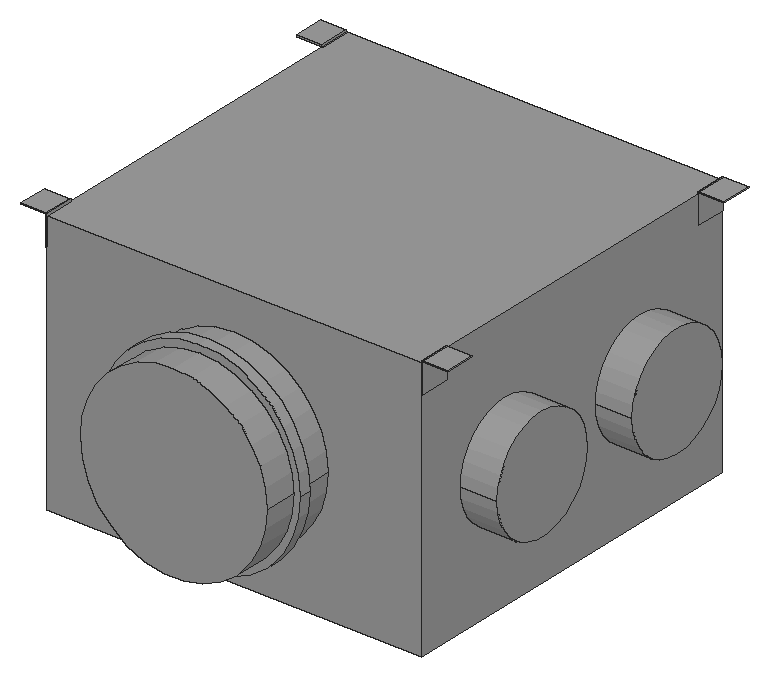
Revit family "SA_FASU(F5-150 250Φ)", category ダクト付属品, Revit 2020
Family settings
  丸型コネクタ寸法 = 直径を使用
  パーツ タイプ = ダンパー
  OmniClass 番号 = 23.75.00.00
  OmniClass タイトル = Climate Control (HVAC)
  作業面ベース = いいえ
  常に垂直 = はい
  ロード時にボイドで切り取り = いいえ
  共有 = いいえ
Parameters
  高さ = 350 mm
  風量 [instance] = 0.0 L/s
  符号 = "FASU"
  形式 = "F5-150 250φ"
  幅 [instance] = 500 mm
  奥行き = 500 mm
  大きさ = 250 mm
  呼称 = "FASUチャンバー"
  付属品_下端レベル [instance] = 0 mm
  マテリアル [instance] = 既定値
  ダクト_イン = 250 mm
  ダクト_アウト = 150 mm
  既定の高さ = 0 mm
Reference planes
  plane 1 "中心(正面/背面)": y = 0
  plane 2: z = 0
  plane 3 "中心(左/右)": x = 0
  plane 4: x = -250
  plane 5: x = 250
  plane 6: y = -500
  plane 7: z = 350
  plane 8: z = 175
  plane 9: z = 266.963
  plane 10: z = 86.159
  plane 11: x = -125
  plane 12: x = 125
  plane 13: x = -135
  plane 14: x = 135
  plane 15: x = -251
  plane 16: z = 313.122
  plane 17: z = 352.122
  plane 18: y = -250
Forms (mm)
  Extrusion 1, solid, material "既定値" <- "マテリアル"
    sketch origin (0, 0, 0) x (1, 0, 0) y (0, 1, 0)
      loop
        line (-250, 0) -> (-250, -500) -> (250, -500) -> (250, 0) -> (-250, 0)
    from 0 to 350
  Extrusion 2, solid, material "既定値" <- "マテリアル"
    sketch origin (0, -30, 0) x (1, 0, 0) y (0, 0, 1)
      loop
        circle (0, 175) r 125
    from 470 to 512.5
  Extrusion 3, solid, material "既定値" <- "マテリアル"
    sketch origin (0, -30, 0) x (1, 0, 0) y (0, 0, 1)
      loop
        circle (0, 175) r 135
    from 512.5 to 527.5
  Extrusion 4, solid, material "既定値" <- "マテリアル"
    sketch origin (0, -117.5, 0) x (1, 0, 0) y (0, 0, 1)
      loop
        circle (0, 175) r 125
    from 440 to 482.5
  Extrusion 5, solid, material "既定値" <- "マテリアル"
    sketch origin (0, -30, 0) x (0, 1, 0) y (0, 0, 1)
      loop
        circle (-332.5, 175) r 74.985
    from -300 to -250
  Extrusion 6, solid, material "既定値" <- "マテリアル"
    sketch origin (550, -30, 0) x (0, 1, 0) y (0, 0, 1)
      loop
        circle (-332.5, 175) r 74.985
    from -300 to -250
  Extrusion 7, solid, material "既定値" <- "マテリアル"
    sketch origin (0, -30, 0) x (1, 0, 0) y (0, 1, 0)
      loop
        line (-250, 30) -> (-251, 30) -> (-251, -10) -> (-250, -10) -> (-250, 30)
    from 313.122 to 350
  Extrusion 8, solid, material "既定値" <- "マテリアル"
    sketch origin (0, -30, 0) x (1, 0, 0) y (0, 1, 0)
      loop
        line (-285, 30) -> (-285, -10) -> (-251, -10) -> (-251, 30) -> (-285, 30)
    from 352.122 to 350
  Extrusion 9, solid, material "既定値" <- "マテリアル"
    sketch origin (0, -30, 0) x (-1, 0, 0) y (0, -1, 0)
      loop
        line (-250, -30) -> (-250, 10) -> (-251, 10) -> (-251, -30) -> (-250, -30)
    from 313.122 to 353.122
  Extrusion 10, solid, material "既定値" <- "マテリアル"
    sketch origin (0, -30, 0) x (-1, 0, 0) y (0, -1, 0)
      loop
        line (-285, -30) -> (-251, -30) -> (-251, 10) -> (-285, 10) -> (-285, -30)
    from 352.122 to 353.122
  Extrusion 11, solid, material "既定値" <- "マテリアル"
    sketch origin (0, -490, 0) x (1, 0, 0) y (0, 1, 0)
      loop
        line (-285, 30) -> (-285, -10) -> (-251, -10) -> (-251, 30) -> (-285, 30)
    from 352.122 to 353.122
  Extrusion 12, solid, material "既定値" <- "マテリアル"
    sketch origin (0, -490, 0) x (1, 0, 0) y (0, 1, 0)
      loop
        line (-250, 30) -> (-251, 30) -> (-251, -10) -> (-250, -10) -> (-250, 30)
    from 313.122 to 353.122
  Extrusion 13, solid, material "既定値" <- "マテリアル"
    sketch origin (0, -490, 0) x (-1, 0, 0) y (0, -1, 0)
      loop
        line (-285, -30) -> (-251, -30) -> (-251, 10) -> (-285, 10) -> (-285, -30)
    from 352.122 to 353.122
  Extrusion 14, solid, material "既定値" <- "マテリアル"
    sketch origin (0, -490, 0) x (-1, 0, 0) y (0, -1, 0)
      loop
        line (-250, -30) -> (-250, 10) -> (-251, 10) -> (-251, -30) -> (-250, -30)
    from 313.122 to 353.122
  Extrusion 15, solid, material "既定値" <- "マテリアル"
    sketch origin (-332.5, 300, 0) x (-1, 0, 0) y (0, 0, 1)
      loop
        circle (-332.5, 175) r 74.985
    from -300 to -250
  Extrusion 16, solid, material "既定値" <- "マテリアル"
    sketch origin (550, -470, 0) x (0, -1, 0) y (0, 0, -1)
      loop
        circle (-332.5, -175) r 74.985
    from -300 to -250
  Extrusion 17, solid, material "既定値" <- "マテリアル"
    sketch origin (-550, -470, 0) x (0, -1, 0) y (0, 0, 1)
      loop
        circle (-332.5, 175) r 74.985
    from -300 to -250
Lines and regions (mm)
  model lines
    curve 1: line (-250, -30, 0) -> (250, -30, 0)
    curve 2: line (-250, -470, 0) -> (250, -470, 0)
Text (mm)
  text "FASU(F5-150 250Φ)" at (120.822, -450.782, 0), in view "参照レベル"
Dimensions and locks
  equal spacing: plane 4, plane 3 "中心(左/右)", plane 5
  "幅": plane 4 to plane 5
  "奥行き": plane 6 to plane 1 "中心(正面/背面)"
  "高さ": plane 7 to level
  equal spacing: plane 7, plane 8, level
  equal spacing: plane 6, plane 18, plane 1 "中心(正面/背面)"
  aligned and locked: level to plane 2
  aligned and locked: Extrusion 1 sketch curve to plane 5
  aligned and locked: plane 7 to Extrusion 1
  aligned and locked: plane 4 to Extrusion 5
  aligned and locked: Extrusion 6 to plane 5
  aligned and locked: Extrusion 7 sketch curve to Extrusion 1
  aligned and locked: plane 7 to Extrusion 7
  aligned and locked: Extrusion 8 sketch curve to Extrusion 7
  aligned and locked: Extrusion 7 to Extrusion 8 sketch curve
  aligned and locked: plane 7 to Extrusion 8
  aligned and locked: Extrusion 8 to plane 17
  aligned and locked: Extrusion 9 to Extrusion 10 sketch curve
  aligned and locked: Extrusion 10 sketch curve to Extrusion 9
  aligned and locked: Extrusion 3 to Extrusion 4
  aligned and locked: Extrusion 3 to Extrusion 2
  aligned and locked: Extrusion 1 to Extrusion 13
  aligned and locked: Extrusion 11 to Extrusion 1
  aligned and locked: Extrusion 12 to Extrusion 1
  aligned and locked: Extrusion 1 to Extrusion 14
  aligned and locked: Extrusion 14 to Extrusion 13
  aligned and locked: Extrusion 12 to Extrusion 11
  aligned and locked: plane 4 to Extrusion 12
  aligned and locked: Extrusion 14 to plane 5
  aligned and locked: plane 4 to curve 1
  aligned and locked: plane 5 to curve 1
  aligned and locked: plane 5 to curve 2
  aligned and locked: plane 4 to curve 2
  aligned and locked: Extrusion 1 to Extrusion 8
  aligned and locked: Extrusion 10 to Extrusion 1
  aligned and locked: Extrusion 9 to plane 5
  aligned and locked: Extrusion 15 to Extrusion 1
  aligned and locked: Extrusion 1 to plane 6
  aligned and locked: Extrusion 1 to plane 1 "中心(正面/背面)"
  aligned and locked: plane 6 to Extrusion 2
  aligned and locked: Extrusion 16 to plane 5
  aligned and locked: plane 4 to Extrusion 17
Automatic sketch dimensions
  plane 6 to curve 2 = 30 mm
  plane 1 "中心(正面/背面)" to curve 1 = 30 mm
  Extrusion 1 sketch curve to plane 4 = 0 mm
  Extrusion 1 sketch curve to plane 6 = 0 mm
  plane 1 "中心(正面/背面)" to Extrusion 1 sketch curve = 0 mm
  Extrusion 2 sketch curve to plane 3 "中心(左/右)" = 0 mm
  Extrusion 2 sketch curve to plane 8 = 0 mm
  Extrusion 3 sketch curve to plane 3 "中心(左/右)" = 0 mm
  Extrusion 3 sketch curve to plane 8 = 0 mm
  Extrusion 4 sketch curve to plane 3 "中心(左/右)" = 0 mm
  Extrusion 4 sketch curve to plane 8 = 0 mm
  Extrusion 5 sketch curve to plane 8 = 0 mm
  Extrusion 6 sketch curve to plane 8 = 0 mm
  plane 1 "中心(正面/背面)" to Extrusion 7 sketch curve = 0 mm
  Extrusion 7 sketch curve to plane 15 = 0 mm
  Extrusion 7 sketch curve to Extrusion 7 sketch curve = 40 mm
  plane 1 "中心(正面/背面)" to Extrusion 8 sketch curve = 0 mm
  Extrusion 8 sketch curve to Extrusion 8 sketch curve = 34 mm
  plane 1 "中心(正面/背面)" to Extrusion 9 sketch curve = 0 mm
  Extrusion 9 sketch curve to plane 5 = 0 mm
  Extrusion 9 sketch curve to Extrusion 9 sketch curve = 1 mm
  Extrusion 9 sketch curve to Extrusion 9 sketch curve = 40 mm
  plane 1 "中心(正面/背面)" to Extrusion 10 sketch curve = 0 mm
  Extrusion 10 sketch curve to Extrusion 10 sketch curve = 34 mm
  Extrusion 11 sketch curve to plane 6 = 0 mm
  Extrusion 11 sketch curve to plane 15 = 0 mm
  Extrusion 11 sketch curve to Extrusion 11 sketch curve = 34 mm
  Extrusion 12 sketch curve to plane 15 = 0 mm
  Extrusion 12 sketch curve to plane 4 = 0 mm
  Extrusion 12 sketch curve to plane 6 = 0 mm
  Extrusion 13 sketch curve to plane 6 = 0 mm
  Extrusion 13 sketch curve to plane 5 = 35 mm
  Extrusion 13 sketch curve to plane 5 = 1 mm
  Extrusion 14 sketch curve to plane 6 = 0 mm
  Extrusion 14 sketch curve to plane 5 = 0 mm
  Extrusion 14 sketch curve to Extrusion 14 sketch curve = 1 mm
  Extrusion 15 sketch curve to plane 3 "中心(左/右)" = 0 mm
  Extrusion 15 sketch curve to plane 8 = 0 mm
  Extrusion 16 sketch curve to plane 8 = 0 mm
  plane 18 to Extrusion 16 sketch curve = 112.5 mm
  Extrusion 17 sketch curve to plane 8 = 0 mm
  plane 18 to Extrusion 17 sketch curve = 112.5 mm
  Extrusion 5 sketch curve to plane 18 = 112.5 mm
  Extrusion 6 sketch curve to plane 18 = 112.5 mm
  plane 6 to Extrusion 11 sketch curve = 40 mm
  plane 6 to Extrusion 12 sketch curve = 40 mm
  Extrusion 13 sketch curve to plane 6 = 40 mm
  Extrusion 14 sketch curve to plane 6 = 40 mm
  radius of Extrusion 2 sketch curve = 125 mm
  radius of Extrusion 3 sketch curve = 135 mm
  radius of Extrusion 4 sketch curve = 125 mm
  radius of Extrusion 5 sketch curve = 74.985 mm
  radius of Extrusion 6 sketch curve = 74.985 mm
  radius of Extrusion 15 sketch curve = 74.985 mm
  radius of Extrusion 16 sketch curve = 74.985 mm
  radius of Extrusion 17 sketch curve = 74.985 mm
Connectors
  hvac at (300, -362.5, 175), driven by "ダクト_アウト"
    settings: on Extrusion 6, index 11, duct flow 0.0 L/s, flow factor 0, pres drop 0.0 Pa, loss coef 0, conn angle 0.00°, conn width 304.8 mm, conn height 304.8 mm, conn diameter 150 mm, duct sys type 29, conn prof type 0, flow config 0, flow direction 2, loss method 0, conn ref index -1, conn util no, is conn primary yes, conn desc ""
  hvac at (-300, -362.5, 175), driven by "ダクト_アウト"
    settings: on Extrusion 5, index 12, duct flow 0.0 L/s, flow factor 0, pres drop 0.0 Pa, loss coef 0, conn angle 0.00°, conn width 304.8 mm, conn height 304.8 mm, conn diameter 150 mm, duct sys type 29, conn prof type 0, flow config 0, flow direction 0, loss method 0, conn ref index -1, conn util no, is conn primary no, conn desc ""
  hvac at (-300, -137.5, 175), driven by "ダクト_アウト"
    settings: on Extrusion 17, index 13, duct flow 0.0 L/s, flow factor 0, pres drop 0.0 Pa, loss coef 0, conn angle 0.00°, conn width 304.8 mm, conn height 304.8 mm, conn diameter 150 mm, duct sys type 29, conn prof type 0, flow config 0, flow direction 0, loss method 0, conn ref index -1, conn util no, is conn primary no, conn desc ""
  hvac at (0, 50, 175), driven by "ダクト_アウト"
    settings: on Extrusion 15, index 14, duct flow 0.0 L/s, flow factor 0, pres drop 0.0 Pa, loss coef 0, conn angle 0.00°, conn width 304.8 mm, conn height 304.8 mm, conn diameter 150 mm, duct sys type 29, conn prof type 0, flow config 0, flow direction 0, loss method 0, conn ref index -1, conn util no, is conn primary no, conn desc ""
  hvac at (300, -137.5, 175), driven by "ダクト_アウト"
    settings: on Extrusion 16, index 15, duct flow 0.0 L/s, flow factor 0, pres drop 0.0 Pa, loss coef 0, conn angle 0.00°, conn width 304.8 mm, conn height 304.8 mm, conn diameter 150 mm, duct sys type 29, conn prof type 0, flow config 0, flow direction 0, loss method 0, conn ref index -1, conn util no, is conn primary no, conn desc ""
  hvac at (0, -600, 175), driven by "ダクト_イン"
    settings: on Extrusion 4, index 16, duct flow 0.0 L/s, flow factor 0, pres drop 0.0 Pa, loss coef 0, conn angle 0.00°, conn width 304.8 mm, conn height 304.8 mm, conn diameter 250 mm, duct sys type 29, conn prof type 0, flow config 0, flow direction 1, loss method 0, conn ref index -1, conn util no, is conn primary no, conn desc ""
